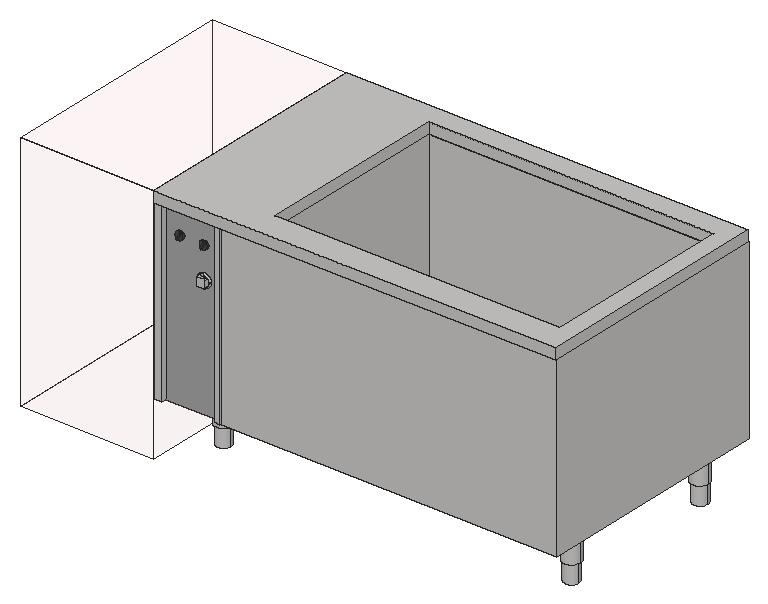
Revit family "QF_ELECTROLUXPROFESSIONAL_660033_LV300", category Attrezzature speciali, Revit 2020
Family settings
  Quota connettore circolare = Usa diametro
  Tipo di parte = Normale
  Basato su piano di lavoro = No
  Sempre verticale = Sì
  Taglio con vuoti quando caricato = No
  Condiviso = No
  Punto di calcolo locali = No
Parameters (values of type "Standard")
  Weight = 150.00 kg
  Watts = 1100 W
  Volts = 400 V
  URL Manufacturer = "https://www.electroluxprofessional.com/"
  URL = "https://www.electroluxprofessional.com/"
  Steam Supply Size = 0 mm
  Steam Supply Minimum Pressure = 0.0 Pa
  Steam Supply Maximum Pressure = 0.0 Pa
  Steam Consumption per Hour = 0
  Show Clearance [instance] = yes
  Refrigeration Suction Line Size = 0 mm
  Refrigeration Liquid Line Size = 0 mm
  Refrigerant Compressor Remote = yes
  Prospetto di default = 0 mm
  Produttore = "Electrolux Professional"
  Phase = 3
  Modello = "LV300"
  Length Actual = 1500 mm  # constant formula
  Item Number = "660033"
  Hot Water Size = 0 mm
  Height Actual = 850 mm  # constant formula
  HP = "1.5 HP"
  Gas Size = 0 mm
  Gas KW = 0
  Gas Input Pressure = 0 W
  Direct Waste Size = 50.8 mm
  Descrizione = "VEGETABLE WASHER WITH TANK-LOAD KG 10/40"
  Depth Actual = 900 mm  # constant formula
  Cycle = 50 Hz
  Condensate Return Size = 0 mm
  Compressed Air Volume = 0.0 L/s
  Compressed Air Size = 0 mm
  Compressed Air Pressure = 0.0 Pa
  Cold Water Size = 25.4 mm
  Accessory = yes
Reference planes
  plane 1 "Center (Front/Back)": y = 0
  plane 2: z = 0
  plane 3 "Center (Left/Right)": x = 0
  plane 4: x = 0
  plane 5: z = 200
  plane 6: y = -450
  plane 7: z = 900
  plane 8 "LEFT": x = -750
  plane 9 "RIGHT": x = 750
  plane 10 "FRONT": y = -900
  plane 11: y = -138
  plane 12: x = -455
Forms (mm)
  Extrusion 1, solid, material "QF_Finishes_Clearance", visible <- "Show Clearance"
    sketch origin (-150, 0, 0) x (1, 0, 0) y (0, 1, 0)
      loop
        line (-600, 0) -> (-1100, 0) -> (-1100, -900) -> (-600, -900) -> (-600, 0)
    from 0 to 900
  Extrusion 2, solid, material "QF_Finishes_Stainless Steel"
    sketch origin (0, -200, 0) x (1, 0, 0) y (0, 1, 0)
      loop
        line (-750, 200) -> (-750, -700) -> (750, -700) -> (750, 200) -> (-750, 200)
    from 860 to 900
  Extrusion 3, solid, material "QF_Finishes_Stainless Steel"
    sketch origin (400, -200, 0) x (1, 0, 0) y (0, 1, 0)
      loop
        line (-1150, 200) -> (-1150, -695) -> (-1124.584, -695) -> (-1124.584, -660) -> (-929, -660) -> (-929, -695) -> (-907.169, -695) -> (-907.169, -685) -> (-900.046, -685) -> (-900.046, -695) -> (350, -695) -> (350, 200) -> (-1150, 200)
    from 200 to 860
  Extrusion 4, void
    sketch origin (0, -200, 0) x (1, 0, 0) y (0, 1, 0)
      loop
        line (-380, 120) -> (-380, -600) -> (685.957, -600) -> (685.957, 120) -> (-380, 120)
    from 840 to 938.824
  Extrusion 5, void
    sketch origin (0, -200, -60) x (1, 0, 0) y (0, 1, 0)
      loop
        line (-380, 120) -> (-380, -600) -> (685.957, -600) -> (685.957, 120) -> (-380, 120)
    from 306.622 to 938.824
  Extrusion 6, solid, material "QF_Finishes_Gray"
    sketch origin (-3.75, 20, 0) x (1, 0, 0) y (0, 1, 0)
      loop
        line (-718.75, -888.75) -> (-718.75, -898.75) -> (-525.25, -898.75) -> (-525.25, -888.75) -> (-718.75, -888.75)
    from 200 to 860
  Extrusion 7, solid, material "QF_Finishes_Stainless Steel"
    sketch origin (-287.596, -507.286, 198) x (1, 0, 0) y (0, 1, 0)
      loop
        line (-392.404, -132.714) -> (-392.404, -152.714) -> (-372.404, -152.714) -> (-372.404, -132.714) -> (-392.404, -132.714)
    from 0 to 2
  Extrusion 8, solid, material "QF_Finishes_Stainless Steel"
    sketch origin (-217.186, -279.308, 195) x (1, 0, 0) y (0, 1, 0)
      loop
        circle (-372.814, -140.692) r 8
    from 0 to 5
  Extrusion 9, solid, material "QF_Finishes_Stainless Steel"
    sketch origin (-82.186, 2.692, 195) x (1, 0, 0) y (0, 1, 0)
      loop
        circle (-372.814, -140.692) r 8
    from 0 to 5
Cuts and joins
  Extrusion 4 cuts Extrusion 2
  Extrusion 4, Extrusion 5 cuts Extrusion 3
Dimensions and locks
  plane 7 to level = 900 mm  (x2)
  level to plane 5 = 200 mm
  plane 8 "LEFT" to plane 9 "RIGHT" = 1500 mm
  plane 5 to level = 200 mm
  Extrusion 1 to Extrusion 1 = 500 mm
  plane 10 "FRONT" to plane 1 "Center (Front/Back)" = 900 mm
  plane 9 "RIGHT" to plane 8 "LEFT" = 1500 mm
  plane 8 "LEFT" to Extrusion 1 = 500 mm
  nested 4 to Extrusion 1 = 200 mm
  nested 6 to nested 4 = 600 mm
  Extrusion 1 to nested 6 = 100 mm
  nested 4 to plane 8 "LEFT" = 100 mm
  nested 5 to nested 4 = 1300 mm
  plane 9 "RIGHT" to nested 5 = 100 mm
  aligned and locked: level to plane 2
Nested families
  nested 1: "MANOPOLA ARGENTO" at (-579, -878.75, 650) x (-1, 0, 0) z (0, -1, 0), type "MANOPOLA ARGENTO"
  nested 2: "MANOPOLA NERA" at (-579, -878.75, 770) x (-0.8829, 0, 0.4695) z (0, -1, 0), type "MANOPOLA NERA"
  nested 3: "MANOPOLA NERA" at (-669, -878.75, 770) x (-0.8829, 0, 0.4695) z (0, -1, 0), type "MANOPOLA NERA"
  nested 4: "Piedino H200 - DISHWASHING" at (-650, -700, 0), type "Piedino H200 - DISHWASHING"
    with H 200 mm
  nested 5: "Piedino H200 - DISHWASHING" at (650, -700, 0) x (-1, 0, 0) z (0, 0, 1), type "Piedino H200 - DISHWASHING"
    with H 200 mm
  nested 6: "Piedino H200 - DISHWASHING" at (-650, -100, 0), type "Piedino H200 - DISHWASHING"
    with H 200 mm
  nested 7: "Piedino H200 - DISHWASHING" at (650, -100, 0) x (-1, 0, 0) z (0, 0, 1), type "Piedino H200 - DISHWASHING"
    with H 200 mm
Connectors
  electrical at (-670, -650, 198)
    settings: on Extrusion 7, index 39, voltage 0 V, apparent load 0 VA, apparent load phase1 0 VA, apparent load phase2 0 VA, apparent load phase3 0 VA, power factor 1, load classification "Altro", number of poles 1, system type 30, power factor state 1, is connector primary yes, connector utility no, sub classification motor no, connector description "EI"
  piping at (-590, -420, 195), diameter 12.7
    settings: on Extrusion 8, index 42, connector inside diameter 609.6 mm, connector length 0 mm, flow factor 0, pipe flow 0.0 L/s, pressure drop 0.0 Pa, fitting loss kfactor 0, connector angle 0.00°, fixture units 0, engagement length 0 mm, angle of deflection 0.00°, flow configuration 0, flow direction 0, fitting loss method 0, system type 29, joint type 0, gender type 0, connector reference index -1, connector utility 0, adjustable connector no, is connector primary yes, connector description "D"
  piping at (-455, -138, 195), diameter 12.7
    settings: on Extrusion 9, index 45, connector inside diameter 609.6 mm, connector length 0 mm, flow factor 0, pipe flow 0.0 L/s, pressure drop 0.0 Pa, fitting loss kfactor 0, connector angle 0.00°, fixture units 0, engagement length 0 mm, angle of deflection 0.00°, flow configuration 0, flow direction 0, fitting loss method 0, system type 29, joint type 0, gender type 0, connector reference index -1, connector utility 0, adjustable connector no, is connector primary no, connector description "CWI"
Definition of nested family "MANOPOLA ARGENTO"
  Parameters (values of type "MANOPOLA ARGENTO")
    Default Elevation = 1219.2 mm
  Reference planes
    plane 1 "Centro (Fronte/Retro)": y = 0
    plane 2: z = 0
    plane 3 "Centro (Sinistra/Destra)": x = 0
  Forms (mm)
    Extrusion 1, solid
      sketch origin (0, 0, 0) x (1, 0, 0) y (0, 1, 0)
        loop
          line (-1219.2, 1219.2) -> (-1219.2, -1219.2) -> (1219.2, -1219.2) -> (1219.2, 1219.2) -> (-1219.2, 1219.2)
      from 0 to -304.8
    SweptBlend 2, solid
      path origin (0, 0, 0) x (0, 1, 0) y (0, 0, 1)
        loop
          line (0, 0) -> (0, 6.013)
      profile origin (0, 0, 0) x (0, -1, 0) y (1, 0, 0)
        loop
          circle (0, 0) r 25
      end profile origin (0, 0, 6.013) x (0, -1, 0) y (1, 0, 0)
        loop
          circle (0, 0) r 23
    Extrusion 3, solid
      sketch origin (0, 0, 0) x (1, 0, 0) y (0, 1, 0)
        loop
          line (-13.08, 15.833) -> (-15.833, 13.08) -> (-15.833, -12.341) -> (-12.341, -15.833) -> (12.341, -15.833) -> (15.833, -12.341) -> (15.833, 12.341) -> (12.341, 15.833) -> (-13.08, 15.833)
      from 6.013 to 18
  Dimensions and locks
    aligned and locked: plane 2 to Extrusion 1
    aligned and locked: level to Extrusion 1
Definition of nested family "MANOPOLA NERA"
  Parameters (values of type "MANOPOLA NERA")
    Default Elevation = 1219.2 mm
  Reference planes
    plane 1 "Centro (Fronte/Retro)": y = 0
    plane 2: z = 0
    plane 3 "Centro (Sinistra/Destra)": x = 0
  Forms (mm)
    Extrusion 1, solid
      sketch origin (0, 0, 0) x (1, 0, 0) y (0, 1, 0)
        loop
          line (-1219.2, 1219.2) -> (-1219.2, -1219.2) -> (1219.2, -1219.2) -> (1219.2, 1219.2) -> (-1219.2, 1219.2)
      from 0 to -304.8
    Extrusion 2, solid
      sketch origin (0, 0, 0) x (1, 0, 0) y (0, 1, 0)
        loop
          circle (0, 0) r 15
      from 0 to 5.035
    Extrusion 3, solid
      sketch origin (0, 0, 0) x (1, 0, 0) y (0, 1, 0)
        loop
          arc (-2.5, -14.79) -> (0, -15) -> (2.5, -14.79) r 15
          line (2.5, -14.79) -> (2.5, 14.79)
          arc (2.5, 14.79) -> (0, 15) -> (-2.5, 14.79) r 15
          line (-2.5, 14.79) -> (-2.5, -14.79)
      from 5.035 to 9.025
  Dimensions and locks
    aligned and locked: plane 2 to Extrusion 1
    aligned and locked: level to Extrusion 1
Definition of nested family "Piedino H200 - DISHWASHING"
  Parameters (values of type "Piedino H200 - DISHWASHING")
    Default Elevation = 0 mm
    H [instance] = 200 mm
  Reference planes
    plane 1 "Centro (Fronte/Retro)": y = 0
    plane 2: z = 0
    plane 3 "Centro (Sinistra/Destra)": x = 0
    plane 4: z = 70.047
  Forms (mm)
    Revolve 1, solid
      sketch origin (55, 0, 0) x (-1, 0, 0) y (0, 0, -1)
        loop
          line (55, 0) -> (27.6, 0) -> (27.6, -70.047) -> (22.6, -70.047) -> (22.6, -200) -> (55, -200) -> (55, 0)
        axis (55, 0) -> (55, -200)
      angle from 0 to 360
  Dimensions and locks
    "H": Revolve 1 to plane 2
    aligned and locked: level to plane 2
  Automatic sketch dimensions
    Revolve 1 sketch curve to plane 4 = 0 mm
    Revolve 1 sketch curve to level = 0 mm
    Revolve 1 sketch curve to plane 3 "Centro (Sinistra/Destra)" = 0 mm  (x2)
    plane 3 "Centro (Sinistra/Destra)" to Revolve 1 sketch curve = 27.4 mm
    Revolve 1 sketch curve to Revolve 1 sketch curve = 5 mm
    Revolve 1 sketch curve to plane 4 = 129.953 mm
    Revolve 1 sketch curve to Revolve 1 sketch curve = 0 mm
    Revolve 1 sketch curve to Revolve 1 sketch curve = 20 mm
